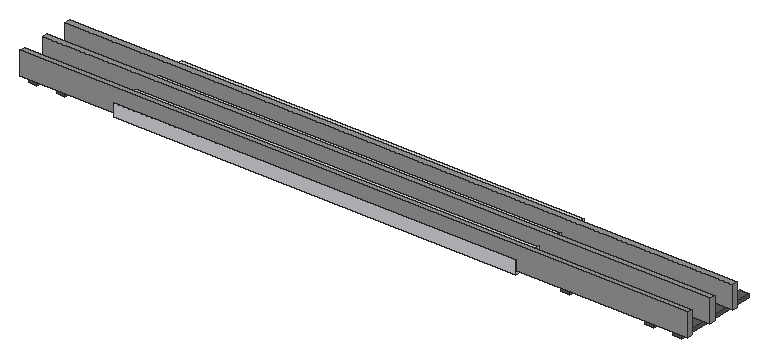
Revit family "1114-3, Veneer", category Generic Models, host Face, Revit 2020
Family settings
  Host = Face
  Can host rebar = No
  Round Connector Dimension = Use Diameter
  Part Type = Normal
  Cut with Voids When Loaded = No
  Shared = No
  Room Calculation Point = No
Parameters
  min_value [instance] = 1' - 11 1/4"  # constant formula
  max_value [instance] = 9' - 11 1/4"  # constant formula
  actual_value [instance] = if(NET LENGTH < min_value, min_value, if(NET LENGTH > max_value, max_value, NET LENGTH))  # 7' - 11 1/4"
  NET LENGTH [instance] = 7' - 11 1/4"
  Default Elevation = 4' - 0"
  BACKER MATERIAL [instance] = BLACK-BACKERS
  .. MEMBER WIDTH [instance] = 0' - 0 3/4"  # constant formula
  .. MEMBER MATERIAL [instance] = Veneer Cherry
  .. MEMBER LENGTH [instance] = actual_value  # 7' - 11 1/4"
  .. MEMBER DEPTH [instance] = 0' - 3 1/4"  # constant formula
  .. MEMBER COUNT [instance] = 3  # constant formula
  IMPORTANT NOTE!!!                                                                             *Backer layout is for visualization purposes only, final layout to be determined by 9Wood. [instance] = ""
Reference planes (in)
  plane 1 "Center (Front/Back)": y = 0
  plane 2: z = 1.82209
  plane 3 "Center (Left/Right)": x = 0
Forms (in)
  Extrusion 1, solid
    sketch origin (132, -33.80483, 0) x (1, 0, 0) y (0, 1, 0)
      loop
        line (-118.625, 33.80483) -> (-61.26146, 33.80483) -> (-61.26146, 45.86733) -> (-118.625, 45.86733) -> (-118.625, 33.80483)
    from 1.82209 to 0
Dimensions and locks (in)
  aligned and locked: Extrusion 1 to plane 2
  aligned and locked: plane 3 "Center (Left/Right)" to nested 1
Nested families (in)
  nested 1: "1100 SERIES CONFIG" at (0, 2, 0), .. MEMBER DEPTH <- ".. MEMBER DEPTH", .. MEMBER LENGTH <- ".. MEMBER LENGTH", .. MEMBER WIDTH <- ".. MEMBER WIDTH", .. MEMBER MATERIAL <- ".. MEMBER MATERIAL", BACKING M MATERIAL <- "BACKER MATERIAL", .. MEMBER COUNT <- ".. MEMBER COUNT", type "1100 SERIES CONFIG"
    with X 7' - 8", SCRIM OVERHANG 2 0' - 0 3/32", SCRIM OVERHANG 0' - 0 7/8", SCRIM LENGTH 8' - 1", SCRIM  MATERIAL SCRIM, SCRIM no, NOMINAL LENGTH 7, N 8, Inset 6' - 0 3/8", INSET 0' - 1", INDEX 0' - 5 5/8", HALF MEMBER WIDTH 0' - 0 3/8", HALF LENGTH 3' - 11 5/8", END BACKER yes, BACKING M WIDTH 0' - 1 1/4", BACKING M OC SPACING 1' - 0", BACKING M MATERIAL BLACK-BACKERS, BACKING M LENGTH 0' - 11 7/8", BACKING M DEPTH 0' - 0 1/2", BACKING M COUNT 8, 3/16" INSET 0' - 0 3/16", .. MEMBER WIDTH 0' - 0 3/4", .. MEMBER OC SPACING 0' - 4", .. MEMBER MATERIAL Veneer Cherry, .. MEMBER LENGTH 7' - 11 1/4", .. MEMBER DEPTH 0' - 3 1/4", .. MEMBER COUNT 3
Definition of nested family "1100 SERIES CONFIG"
  Parameters (values of type "1100 SERIES CONFIG")
    X [instance] = .. MEMBER LENGTH - 0' 3 1/4"  # 5' - 5"
    SCRIM OVERHANG 2 [instance] = 0' - 0 3/32"  # constant formula
    SCRIM OVERHANG [instance] = 0' - 0 7/8"  # constant formula
    SCRIM LENGTH [instance] = .. MEMBER LENGTH + (SCRIM OVERHANG * 2)  # 5' - 10"
    SCRIM  MATERIAL [instance] = none
    SCRIM [instance] = yes
    NOMINAL LENGTH [instance] = 7
    N [instance] = if((X - (rounddown(X / 1' 0") * 1' 0")) > 1' 0", rounddown(X / 1' 0") + 2, rounddown(X / 1' 0") + 1)  # 6
    Inset [instance] = 6' - 0 3/8"  # constant formula
    INSET [instance] = 0' - 1"  # constant formula
    END BACKER [instance] = INDEX > 0' 3 5/8"  # yes
    INDEX [instance] = (.. MEMBER LENGTH - ((N - 1) * 1' 0")) / 2  # 0' - 4 1/8"
    HALF MEMBER WIDTH [instance] = .. MEMBER WIDTH / 2  # 0' - 0 5/16"
    HALF LENGTH [instance] = .. MEMBER LENGTH / 2  # 2' - 10 1/8"
    Default Elevation = 0' - 0"
    BACKING M WIDTH [instance] = 0' - 1 1/4"
    BACKING M SPACING = 3' - 3"
    BACKING M MATERIAL [instance] = none
    BACKING M LENGTH [instance] = 0' - 11 7/8"
    BACKING M DEPTH [instance] = 0' - 0 1/2"
    BACKING M COUNT [instance] = N  # 6
    BACKING M OC SPACING [instance] = 1' - 0"  # constant formula
    3/16" INSET [instance] = 0' - 0 3/16"  # constant formula
    .. MEMBER WIDTH [instance] = 0' - 0 5/8"
    .. MEMBER OC SPACING [instance] = 1' 0" / .. MEMBER COUNT  # 0' - 4"
    .. MEMBER MATERIAL [instance] = none
    .. MEMBER LENGTH [instance] = 5' - 8 1/4"
    .. MEMBER DEPTH [instance] = 0' - 1 3/8"
    .. MEMBER COUNT [instance] = 3
  Reference planes (in)
    plane 1 "Center (Front/Back)": y = -2
    plane 2: z = 0
    plane 3 "Center (Left/Right)": x = 0
    plane 4: x = 1
    plane 5: x = 4.125
    plane 6: x = 34.125
    plane 7: x = 68.25
    plane 8: x = 67.25
    plane 9: x = 16.125
    plane 10: y = -1.8125
    plane 11: y = -1.6875
    plane 12: y = 2.3125
    plane 13: x = 69.125
    plane 14: x = -0.875
    plane 15: z = 0.5
    plane 16: z = 0.5625
    plane 17: y = 10.0625
    plane 18: y = 10.15625
    plane 19: y = -2.09375
  Dimensions and locks (in)
    "INSET": plane 3 "Center (Left/Right)" to plane 4
    "INDEX": plane 3 "Center (Left/Right)" to plane 5
    "HALF LENGTH": plane 3 "Center (Left/Right)" to plane 6
    ".. MEMBER LENGTH": plane 3 "Center (Left/Right)" to plane 7
    "INSET": plane 8 to plane 7
    equal spacing: group 2, group 3, group 6, group 7, group 8, group 9  (x3)
    "3/16" INSET": plane 1 "Center (Front/Back)" to plane 10
    ".. MEMBER OC SPACING": plane 12 to plane 11
    "SCRIM OVERHANG": plane 14 to plane 3 "Center (Left/Right)"
    "SCRIM OVERHANG": plane 7 to plane 13
    equal spacing: group 1, group 4, group 5  (x2)
    equal spacing: group 5, group 4, group 1
    "HALF MEMBER WIDTH": plane 1 "Center (Front/Back)" to plane 11
    "BACKING M OC SPACING": plane 5 to plane 9
    "SCRIM OVERHANG 2": plane 18 to plane 17
    "SCRIM OVERHANG 2": plane 19 to plane 1 "Center (Front/Back)"
    aligned and locked: level to plane 2
    aligned and locked: plane 6 to nested 1
    aligned and locked: nested 2 to plane 4
    aligned and locked: plane 5 to nested 3
    aligned and locked: plane 1 "Center (Front/Back)" to nested 1
    aligned and locked: nested 2 to plane 10
    aligned and locked: nested 3 to plane 10
    aligned and locked: nested 5 to plane 10
    aligned and locked: nested 4 to plane 10
    aligned and locked: nested 6 to plane 14
    aligned and locked: plane 12 to nested 7
    aligned and locked: nested 7 to plane 3 "Center (Left/Right)"
    aligned and locked: plane 9 to nested 5
    aligned and locked: plane 8 to nested 4
    aligned and locked: plane 15 to nested 2
    aligned and locked: nested 6 to plane 15
    aligned and locked: nested 1 to plane 16
    aligned and locked: nested 7 to plane 16
    aligned and locked: nested 6 to plane 19
  Nested families (in)
    nested 1: "INSTANCE - Parametric Cube" at (34.125, -1.6875, 1.9375), Length <- ".. MEMBER WIDTH", Height <- ".. MEMBER DEPTH", Width <- ".. MEMBER LENGTH", Material <- ".. MEMBER MATERIAL", type "INSTANCE - Parametric Cube"
      with Width 5' - 8 1/4", Material none, Length 0' - 0 5/8", Height 0' - 1 3/8"
    nested 2: "2ND INSTANCE - Parametric Cube" at (1.625, 4.125, 0), Height <- "BACKING M DEPTH", Length <- "BACKING M LENGTH", Width <- "BACKING M WIDTH", Material <- "BACKING M MATERIAL", visible <- "END BACKER", type "2ND INSTANCE - Parametric Cube"
      with Width 0' - 1 1/4", Material none, Length 0' - 11 7/8", Height 0' - 0 1/2"
    nested 3: "2ND INSTANCE - Parametric Cube" at (4.125, 4.125, 0), Length <- "BACKING M LENGTH", Height <- "BACKING M DEPTH", Width <- "BACKING M WIDTH", Material <- "BACKING M MATERIAL", type "2ND INSTANCE - Parametric Cube"
      with Width 0' - 1 1/4", Material none, Length 0' - 11 7/8", Height 0' - 0 1/2"
    nested 4: "2ND INSTANCE - Parametric Cube" at (66.625, 4.125, 0), Width <- "BACKING M WIDTH", Length <- "BACKING M LENGTH", Height <- "BACKING M DEPTH", Material <- "BACKING M MATERIAL", visible <- "END BACKER", type "2ND INSTANCE - Parametric Cube"
      with Width 0' - 1 1/4", Material none, Length 0' - 11 7/8", Height 0' - 0 1/2"
    nested 5: "2ND INSTANCE - Parametric Cube" at (16.125, 4.125, 0), Length <- "BACKING M LENGTH", Height <- "BACKING M DEPTH", Width <- "BACKING M WIDTH", Material <- "BACKING M MATERIAL", type "2ND INSTANCE - Parametric Cube"
      with Width 0' - 1 1/4", Material none, Length 0' - 11 7/8", Height 0' - 0 1/2"
    nested 6: "3RD INSTANCE - Parametric Cube" at (34.125, 4.0445, 0.5), Width <- "SCRIM LENGTH", Material <- "SCRIM  MATERIAL", visible <- "SCRIM", type "3RD INSTANCE - Parametric Cube"
      with Width 5' - 10", Material none, Length 1' - 0.27649", Height 0' - 0 1/16"
    nested 7: "INSTANCE - Parametric Cube" at (34.125, 2.3125, 1.9375), Length <- ".. MEMBER WIDTH", Height <- ".. MEMBER DEPTH", Width <- ".. MEMBER LENGTH", Material <- ".. MEMBER MATERIAL", type "INSTANCE - Parametric Cube"
      with Width 5' - 8 1/4", Material none, Length 0' - 0 5/8", Height 0' - 1 3/8"
    nested 8: "INSTANCE - Parametric Cube" at (34.125, 6.3125, 1.9375), Length <- ".. MEMBER WIDTH", Height <- ".. MEMBER DEPTH", Width <- ".. MEMBER LENGTH", Material <- ".. MEMBER MATERIAL", type "INSTANCE - Parametric Cube"
      with Width 5' - 8 1/4", Material none, Length 0' - 0 5/8", Height 0' - 1 3/8"
    nested 9: "2ND INSTANCE - Parametric Cube" at (28.125, 4.125, 0), Length <- "BACKING M LENGTH", Height <- "BACKING M DEPTH", Width <- "BACKING M WIDTH", Material <- "BACKING M MATERIAL", type "2ND INSTANCE - Parametric Cube"
      with Width 0' - 1 1/4", Material none, Length 0' - 11 7/8", Height 0' - 0 1/2"
    nested 10: "2ND INSTANCE - Parametric Cube" at (40.125, 4.125, 0), Length <- "BACKING M LENGTH", Height <- "BACKING M DEPTH", Width <- "BACKING M WIDTH", Material <- "BACKING M MATERIAL", type "2ND INSTANCE - Parametric Cube"
      with Width 0' - 1 1/4", Material none, Length 0' - 11 7/8", Height 0' - 0 1/2"
    nested 11: "2ND INSTANCE - Parametric Cube" at (52.125, 4.125, 0), Length <- "BACKING M LENGTH", Height <- "BACKING M DEPTH", Width <- "BACKING M WIDTH", Material <- "BACKING M MATERIAL", type "2ND INSTANCE - Parametric Cube"
      with Width 0' - 1 1/4", Material none, Length 0' - 11 7/8", Height 0' - 0 1/2"
    nested 12: "2ND INSTANCE - Parametric Cube" at (64.125, 4.125, 0), Length <- "BACKING M LENGTH", Height <- "BACKING M DEPTH", Width <- "BACKING M WIDTH", Material <- "BACKING M MATERIAL", type "2ND INSTANCE - Parametric Cube"
      with Width 0' - 1 1/4", Material none, Length 0' - 11 7/8", Height 0' - 0 1/2"
  Definition of nested family "INSTANCE - Parametric Cube"
    Parameters (values of type "INSTANCE - Parametric Cube")
      Width [instance] = 0' - 6"
      Material [instance] = none
      Length [instance] = 1' - 0"
      Height [instance] = 1' - 6"
      Default Elevation = 0' - 0"
    Reference planes (in)
      plane 1 "Center (Front/Back)": y = 0
      plane 2: z = 0
      plane 3 "Center (Left/Right)": x = 0
      plane 4: x = -3
      plane 5: x = 3
      plane 6: y = 6
      plane 7: y = -6
      plane 8: z = -18
    Forms (in)
      Extrusion 1, solid, material <- "Material"
        sketch origin (0, 0, 0) x (1, 0, 0) y (0, 1, 0)
          loop
            line (-3, 6) -> (-3, -6) -> (3, -6) -> (3, 6) -> (-3, 6)
        from -18 to 0
    Dimensions and locks (in)
      equal spacing: plane 4, plane 3 "Center (Left/Right)", plane 5
      equal spacing: plane 6, plane 1 "Center (Front/Back)", plane 7
      "Length": plane 6 to plane 7
      "Width": plane 4 to plane 5
      "Height": plane 8 to level
      aligned and locked: plane 2 to level
      aligned and locked: Extrusion 1 sketch curve to plane 6
      aligned and locked: plane 4 to Extrusion 1 sketch curve
      aligned and locked: plane 7 to Extrusion 1 sketch curve
      aligned and locked: Extrusion 1 sketch curve to plane 5
      aligned and locked: Extrusion 1 to plane 8
  Definition of nested family "2ND INSTANCE - Parametric Cube"
    Parameters (values of type "2ND INSTANCE - Parametric Cube")
      Width [instance] = 0' - 6"
      Material [instance] = none
      Length [instance] = 1' - 0"
      Height [instance] = 1' - 6"
      Default Elevation = 0' - 0"
    Reference planes (in)
      plane 1 "Center (Front/Back)": y = 0
      plane 2: z = 0
      plane 3 "Center (Left/Right)": x = 0
      plane 4: x = -3
      plane 5: x = 3
      plane 6: y = 6
      plane 7: y = -6
      plane 8: z = 18
    Forms (in)
      Extrusion 1, solid, material <- "Material"
        sketch origin (0, 0, 0) x (1, 0, 0) y (0, 1, 0)
          loop
            line (-3, 6) -> (-3, -6) -> (3, -6) -> (3, 6) -> (-3, 6)
        from 0 to 18
    Dimensions and locks (in)
      equal spacing: plane 4, plane 3 "Center (Left/Right)", plane 5
      equal spacing: plane 6, plane 1 "Center (Front/Back)", plane 7
      "Length": plane 6 to plane 7
      "Width": plane 4 to plane 5
      "Height": level to plane 8
      aligned and locked: plane 2 to level
      aligned and locked: Extrusion 1 sketch curve to plane 6
      aligned and locked: plane 4 to Extrusion 1 sketch curve
      aligned and locked: plane 7 to Extrusion 1 sketch curve
      aligned and locked: Extrusion 1 sketch curve to plane 5
      aligned and locked: plane 8 to Extrusion 1
      aligned and locked: Extrusion 1 to level
  Definition of nested family "3RD INSTANCE - Parametric Cube"
    Parameters (values of type "3RD INSTANCE - Parametric Cube")
      Width [instance] = 0' - 6"
      Material [instance] = none
      Length [instance] = 1' - 0"
      Height [instance] = 1' - 6"
      Default Elevation = 0' - 0"
    Reference planes (in)
      plane 1 "Center (Front/Back)": y = 0
      plane 2: z = 0
      plane 3 "Center (Left/Right)": x = 0
      plane 4: x = -3
      plane 5: x = 3
      plane 6: y = 6
      plane 7: y = -6
      plane 8: z = 18
    Forms (in)
      Extrusion 1, solid, material <- "Material"
        sketch origin (0, 0, 0) x (1, 0, 0) y (0, 1, 0)
          loop
            line (-3, 6) -> (-3, -6) -> (3, -6) -> (3, 6) -> (-3, 6)
        from 0 to 18
    Dimensions and locks (in)
      equal spacing: plane 4, plane 3 "Center (Left/Right)", plane 5
      equal spacing: plane 6, plane 1 "Center (Front/Back)", plane 7
      "Length": plane 6 to plane 7
      "Width": plane 4 to plane 5
      "Height": level to plane 8
      aligned and locked: plane 2 to level
      aligned and locked: Extrusion 1 sketch curve to plane 6
      aligned and locked: plane 4 to Extrusion 1 sketch curve
      aligned and locked: plane 7 to Extrusion 1 sketch curve
      aligned and locked: Extrusion 1 sketch curve to plane 5
      aligned and locked: plane 8 to Extrusion 1
      aligned and locked: Extrusion 1 to level
